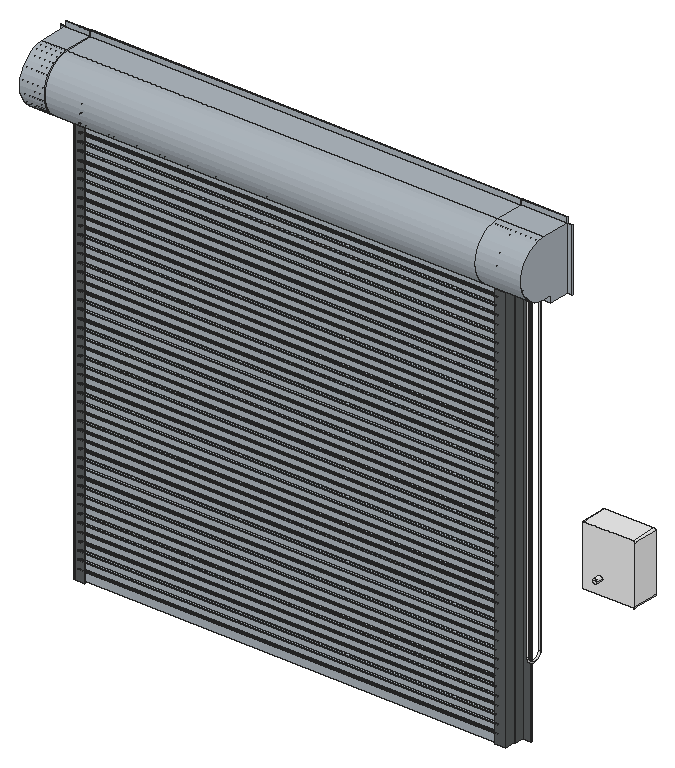
Revit family "Doors_Industrial_Wayne-Dalton_Advanced-Rolling-Door-System-Model-800-ADV_", category Specialty Equipment, host Wall, Revit 2019 (continued)
Definition of nested family "Warning Sign"
  Lines and regions (in)
    model lines
      curve 9: line (24.12041, 1, 1.30556) -> (-24.12041, 1, 1.30556)
      curve 10: line (-24.12041, 1, 0) -> (24.12041, 1, 0)
      curve 11: arc (-24.12041, 1, 1.30556) -> (-25.25106, 1, 1.95833) -> (-25.25106, 1, 3.26389) r 1.30556
      curve 12: arc (-26.3817, 1, 3.91667) -> (-26.3817, 1, 1.30556) -> (-24.12041, 1, 0) r 2.61111
      curve 13: arc (-2.29479, 1, 8.63537) -> (0, 1, 6.34057) -> (2.29479, 1, 8.63537) r 2.29479
      curve 14: arc (2.29479, 1, 8.63537) -> (0, 1, 10.93016) -> (-2.29479, 1, 8.63537) r 2.29479
      curve 15: arc (-1.6331, 1, 13.97069) -> (0.03439, 1, 12.53727) -> (1.69278, 1, 13.98121) r 1.68043
      curve 16: line (-3.77413, 1, 28.37873) -> (-1.6331, 1, 13.97069)
      curve 17: line (1.69278, 1, 13.98121) -> (3.73924, 1, 28.37873)
      curve 18: arc (3.73924, 1, 28.37873) -> (-0.01745, 1, 32.13541) -> (-3.77413, 1, 28.37873) r 3.75668
      curve 19: line (-2.26129, -0.5, 45.69444) -> (-26.3817, -0.5, 3.91667)
      curve 20: line (-25.25106, -0.5, 3.26389) -> (-1.13064, -0.5, 45.04167)
      curve 21: arc (2.26129, -0.5, 45.69444) -> (0, -0.5, 47) -> (-2.26129, -0.5, 45.69444) r 2.61111
      curve 22: arc (-1.13064, -0.5, 45.04167) -> (0, -0.5, 45.69444) -> (1.13064, -0.5, 45.04167) r 1.30556
      curve 23: line (1.13064, -0.5, 45.04167) -> (25.25106, -0.5, 3.26389)
      curve 24: line (26.3817, -0.5, 3.91667) -> (2.26129, -0.5, 45.69444)
      curve 25: arc (25.25106, -0.5, 3.26389) -> (25.25106, -0.5, 1.95833) -> (24.12041, -0.5, 1.30556) r 1.30556
      curve 26: arc (24.12041, -0.5, 0) -> (26.3817, -0.5, 1.30556) -> (26.3817, -0.5, 3.91667) r 2.61111
      curve 27: line (24.12041, -0.5, 1.30556) -> (-24.12041, -0.5, 1.30556)
      curve 28: line (-24.12041, -0.5, 0) -> (24.12041, -0.5, 0)
      curve 29: arc (-24.12041, -0.5, 1.30556) -> (-25.25106, -0.5, 1.95833) -> (-25.25106, -0.5, 3.26389) r 1.30556
      curve 30: arc (-26.3817, -0.5, 3.91667) -> (-26.3817, -0.5, 1.30556) -> (-24.12041, -0.5, 0) r 2.61111
      curve 31: arc (-2.29479, -0.5, 8.63537) -> (0, -0.5, 6.34057) -> (2.29479, -0.5, 8.63537) r 2.29479
      curve 32: arc (2.29479, -0.5, 8.63537) -> (0, -0.5, 10.93016) -> (-2.29479, -0.5, 8.63537) r 2.29479
      curve 33: arc (-1.6331, -0.5, 13.97069) -> (0.03439, -0.5, 12.53727) -> (1.69278, -0.5, 13.98121) r 1.68043
      curve 34: line (-3.77413, -0.5, 28.37873) -> (-1.6331, -0.5, 13.97069)
      curve 35: line (1.69278, -0.5, 13.98121) -> (3.73924, -0.5, 28.37873)
      curve 36: arc (3.73924, -0.5, 28.37873) -> (-0.01745, -0.5, 32.13541) -> (-3.77413, -0.5, 28.37873) r 3.75668
  Dimensions and locks (in)
    locked: plane 1 "Center (Front/Back)" to plane 4 at 0.5
    equal spacing: plane 1 "Center (Front/Back)", plane 7, plane 4
    locked: plane 4 to plane 6 at 0.5
    locked: plane 5 to plane 1 "Center (Front/Back)" at 0.5
    aligned and locked: plane 2 to level
  Automatic sketch dimensions
    curve 21 to curve 22 = 0"  (x2)
    curve 25 to curve 26 = 0"  (x2)
    curve 29 to curve 30 = 0"  (x2)
    curve 31 to curve 32 = 0"  (x2)
    curve 21 to plane 3 "Center (Left/Right)" = 0"
    curve 31 to plane 3 "Center (Left/Right)" = 0"
    curve 30 to level = 0"
    level to curve 27 = 1.30556"
    curve 26 to curve 27 = 1.30556"
    curve 29 to curve 27 = 1.30556"
    curve 23 to curve 25 = 0.65278"
    curve 20 to curve 29 = 0.65278"
    curve 24 to curve 23 = 0.65278"
    curve 19 to curve 20 = 0.65278"
    level to curve 32 = 8.63537"
    curve 34 to plane 3 "Center (Left/Right)" = 1.6331"
    curve 34 to curve 31 = 5.33532"
    plane 3 "Center (Left/Right)" to curve 35 = 1.69278"
    curve 35 to curve 34 = 0.01052"
    plane 3 "Center (Left/Right)" to curve 33 = 0.02908"
    curve 36 to plane 3 "Center (Left/Right)" = 0.01745"
    curve 36 to curve 33 = 14.16104"
    curve 22 to curve 36 = 16.01016"
    plane 3 "Center (Left/Right)" to curve 23 = 1.13064"
    curve 23 to curve 21 = 0.65278"
    curve 20 to plane 3 "Center (Left/Right)" = 1.13064"
    plane 3 "Center (Left/Right)" to curve 24 = 2.26129"
    curve 24 to curve 22 = 0.65278"
    curve 19 to plane 3 "Center (Left/Right)" = 2.26129"
    curve 34 to curve 36 = 3.75668"
    curve 30 to plane 3 "Center (Left/Right)" = 24.12041"
    plane 3 "Center (Left/Right)" to curve 25 = 24.12041"
    curve 31 to curve 31 = 2.29479"
    curve 3 to curve 4 = 0"  (x2)
    curve 7 to curve 8 = 0"  (x2)
    curve 11 to curve 12 = 0"  (x2)
    curve 13 to curve 14 = 0"  (x2)
    curve 3 to plane 3 "Center (Left/Right)" = 0"
    curve 13 to plane 3 "Center (Left/Right)" = 0"
    curve 12 to level = 0"
    level to curve 9 = 1.30556"
    curve 8 to curve 9 = 1.30556"
    curve 11 to curve 9 = 1.30556"
    curve 5 to curve 7 = 0.65278"
    curve 2 to curve 11 = 0.65278"
    curve 6 to curve 5 = 0.65278"
    curve 1 to curve 2 = 0.65278"
    level to curve 14 = 8.63537"
    curve 16 to plane 3 "Center (Left/Right)" = 1.6331"
    curve 16 to curve 13 = 5.33532"
    plane 3 "Center (Left/Right)" to curve 17 = 1.69278"
    curve 17 to curve 16 = 0.01052"
    plane 3 "Center (Left/Right)" to curve 15 = 0.02908"
    curve 18 to plane 3 "Center (Left/Right)" = 0.01745"
    curve 18 to curve 15 = 14.16104"
    curve 4 to curve 18 = 16.01016"
    plane 3 "Center (Left/Right)" to curve 5 = 1.13064"
    curve 5 to curve 3 = 0.65278"
    curve 2 to plane 3 "Center (Left/Right)" = 1.13064"
    plane 3 "Center (Left/Right)" to curve 6 = 2.26129"
    curve 6 to curve 4 = 0.65278"
    curve 1 to plane 3 "Center (Left/Right)" = 2.26129"
    curve 16 to curve 18 = 3.75668"
    curve 12 to plane 3 "Center (Left/Right)" = 24.12041"
    plane 3 "Center (Left/Right)" to curve 7 = 24.12041"
    curve 13 to curve 13 = 2.29479"
Types (6): name | Voltage | Number of Poles | Apparent Load Phase 3 | Apparent Load Phase 2 | Apparent Load Phase 1
  208 volts, one phase, 60 Hz (208-240V range) | 208 V | 1 | 0 VA | 0 VA | 4160 VA
  230 volts, three phase, 60 Hz (220-240V range) | 230 V | 3 | 2655.81 VA | 2655.81 VA | 2655.81 VA
  208 volts, three phase, 60 Hz (208-240V range) | 208 V | 3 | 2401.78 VA | 2401.78 VA | 2401.78 VA
  460 volts, three phase, 60 Hz (440-480V range) | 460 V | 3 | 5311.62 VA | 5311.62 VA | 5311.62 VA
  220 volts, one phase, 60 Hz (220-240V range) | 220 V | 1 | 0 VA | 0 VA | 4400 VA
  575 volts, three phase, 60 Hz | 460 V | 3 | 5311.62 VA | 5311.62 VA | 5311.62 VA
